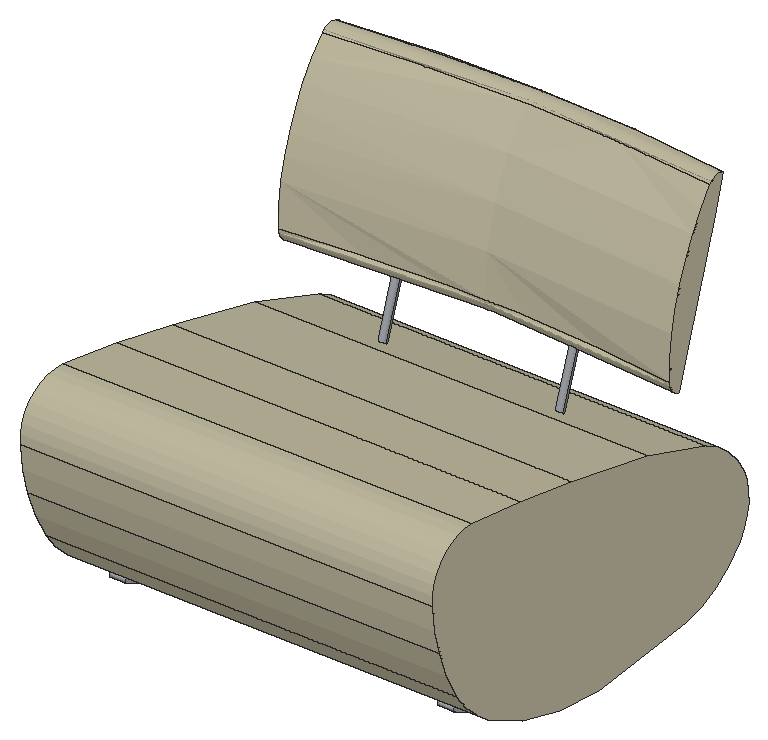
Revit family
Parameters
  URL = "http://www.martinbrattrud.com"
  SCS Certified Product = "Yes"
  Model = "Shamrock 810-01"
  Manufacturer = "Martin Brattrud, Inc."
  Post [instance] = none
  Keynote = "125000"
  Copyright = "© 2013 Martin Brattrud, Inc."
  Chair [instance] = none
  Foot [instance] = none
  Authoring Version = "Revit Architecture 2010"
  Assembly Code = "E2020200"
Reference planes (in)
  plane 1: z = 0
  plane 2 "Center Left/Right": x = 0
  plane 3: y = 0
Forms (in)
  Extrusion 1, solid
    sketch origin (0, 0, 0) x (0, 1, 0) y (0, 0, 1)
      loop
        arc (4.25314, 12.72693) -> (0.85555, 13.50272) -> (-2.55551, 14.21697) r 192.78564
        arc (-2.55551, 14.21697) -> (-4.85966, 14.66317) -> (-7.16908, 15.08129) r 192.78564
        arc (-7.16908, 15.08129) -> (-9.37594, 15.42058) -> (-11.59484, 15.66925) r 54.53399
        arc (-11.59484, 15.66925) -> (-14.18009, 14.7394) -> (-15.12923, 12.16117) r 3.25
        arc (-15.12923, 12.16117) -> (-14.89916, 10.53519) -> (-14.48591, 8.94587) r 14.43578
        arc (-14.48591, 8.94587) -> (-13.8132, 7.23667) -> (-12.92891, 5.62672) r 14.43578
        arc (-12.92891, 5.62672) -> (-11.71445, 4.13824) -> (-10.18467, 2.97623) r 8.13066
        arc (-10.18467, 2.97623) -> (-5.36839, 0.94716) -> (-0.18885, 0.25) r 19.78442
        arc (-0.18885, 0.25) -> (3.77328, 0.40077) -> (7.71128, 0.86265) r 50.38046
        arc (7.71128, 0.86265) -> (10.39031, 1.83278) -> (12.51339, 3.73301) r 7.49211
        arc (12.51339, 3.73301) -> (13.30114, 5.79562) -> (12.85304, 7.9576) r 3.93192
        arc (12.85304, 7.9576) -> (11.44529, 9.77181) -> (9.51079, 11.00908) r 6.74964
        arc (9.51079, 11.00908) -> (6.91732, 11.97621) -> (4.25314, 12.72693) r 33.65193
    from -15 to 15
  Extrusion 2, void
    sketch origin (0, 0, 0.28005) x (-1, 0, 0) y (0, -1, 0)
      loop
        line (13.19818, -14.48284) -> (21.44396, -14.48284) -> (21.44396, 16.13539) -> (14.24659, 16.13539) -> (13.19818, -14.48284)
      loop
        line (-13.19818, -14.48284) -> (-14.24659, 16.13539) -> (-21.44396, 16.13539) -> (-21.44396, -14.48284) -> (-13.19818, -14.48284)
    from -1.46824 to 28.71995
  Extrusion 3, solid, material <- "Foot"
    sketch origin (0, 0, 0.28005) x (0, 1, 0) y (0, 0, -1)
      loop
        arc (-0.18918, 0.28005) -> (-5.43418, -0.42592) -> (-10.31132, -2.48063) r 20.03442
        arc (-10.31132, -2.48063) -> (-10.35577, -2.65173) -> (-10.18467, -2.69618) r 0.125
        arc (-10.18467, -2.69618) -> (-5.36839, -0.66711) -> (-0.18885, 0.03005) r 19.78442
        arc (-0.18885, 0.03005) -> (3.77328, -0.12071) -> (7.71128, -0.5826) r 50.38046
        arc (7.71128, -0.5826) -> (7.83628, -0.47569) -> (7.75006, -0.33562) r 0.12653
        arc (7.75006, -0.33562) -> (3.79256, 0.12854) -> (-0.18918, 0.28005) r 50.63046
    from 10.75 to 11.875
  Extrusion 4, solid, material <- "Foot"
    sketch origin (0, 0, 0.28005) x (0, 1, 0) y (0, 0, 1)
      loop
        arc (-0.18918, -0.28005) -> (3.79256, -0.12854) -> (7.75006, 0.33562) r 50.63046
        arc (7.75006, 0.33562) -> (7.83628, 0.47569) -> (7.71128, 0.5826) r 0.12653
        arc (7.71128, 0.5826) -> (3.77328, 0.12071) -> (-0.18885, -0.03005) r 50.38046
        arc (-0.18885, -0.03005) -> (-5.36839, 0.66711) -> (-10.18467, 2.69618) r 19.78442
        arc (-10.18467, 2.69618) -> (-10.35577, 2.65173) -> (-10.31132, 2.48063) r 0.125
        arc (-10.31132, 2.48063) -> (-5.43418, 0.42592) -> (-0.18918, -0.28005) r 20.03442
    from 10.75 to 11.875
  Sweep 5, solid
    path origin (0, -1.64059, 0) x (1, 0, 0) y (0, 1, 0)
      loop
        arc (-21.08679, 12.80821) -> (0.03821, 14.92329) -> (21.16321, 12.80821) r 106.55361
    profile origin (0.03821, 13.2827, 0) x (0, 1, 0) y (0, 0, 1)
      loop
        line (-1.40209, 27.25944) -> (-1.46942, 27.28262)
        arc (-1.46942, 27.28262) -> (-2.079, 27.29593) -> (-2.58299, 26.95278) r 1
        arc (-2.58299, 26.95278) -> (-5.26974, 21.97835) -> (-6.16588, 16.3962) r 16.90359
        arc (-6.16588, 16.3962) -> (-5.97746, 15.82074) -> (-5.49149, 15.45952) r 1
        line (-5.49149, 15.45952) -> (-5.34729, 15.40987) -> (-1.40209, 27.25944)
  Sweep 6, solid, material <- "Post"
    path origin (0, -0.24732, 0.35821) x (0, 0.999848, 0.017452) y (0, 0.017452, -0.999848)
      loop
        line (7.81241, -15.45794) -> (6.38409, -11.53368)
    profile origin (0, 6.61432, 13.97584) x (0, -0.945519, 0.325568) y (-1, 0, 0)
      loop
        circle (0, -6.125) r 0.25
      loop
        circle (0, 6.125) r 0.25
  Revolve 7, solid
    sketch origin (0, 0, 0) x (0, 1, 0) y (0, 0, 1)
      loop
        circle (11.46784, 22.81439) r 0.25
      axis (-6.34971, 28.90879) -> (-6.40079, 28.75736)
    angle from -25 to 28
  Sweep 8, void
    path origin (0, -1.64059, 0) x (1, 0, 0) y (0, 1, 0)
      loop
        arc (-21.08679, 12.80821) -> (0.03821, 14.92329) -> (21.16321, 12.80821) r 106.55361
    profile origin (0.03821, 13.2827, 0) x (0, 1, 0) y (0, 0, 1)
      loop
        line (-1.40209, 27.25944) -> (-1.47493, 27.28452)
        arc (-1.47493, 27.28452) -> (-2.13601, 27.28104) -> (-2.65045, 26.86585) r 1
        arc (-2.65045, 26.86585) -> (-5.00072, 21.88708) -> (-6.1665, 16.50629) r 24.23305
        arc (-6.1665, 16.50629) -> (-6.01343, 15.86745) -> (-5.49701, 15.46142) r 1
        line (-5.49701, 15.46142) -> (-5.34729, 15.40987) -> (-1.40209, 27.25944)
Cuts and joins
  Extrusion 2 cuts Extrusion 1
  Extrusion 2 cuts Sweep 5
  Sweep 8 cuts Revolve 7
